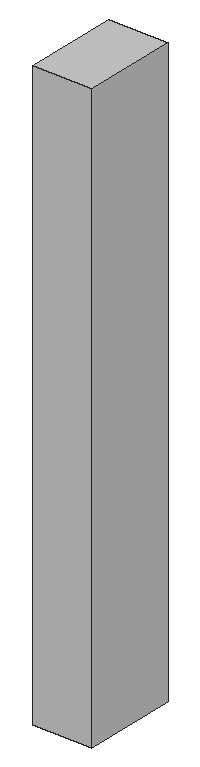
Revit family "Concrete-Rectangular-Column", category Structural Columns, Revit 2027
Family settings
  Display in Hidden Views = Edges Hidden by Other Members
  Section Shape = Not Defined
  Material for Model Behavior = Concrete
  Always export as geometry = No
  Beam cutback in plan = From bounding box
  Cut with Voids When Loaded = No
  Symbolic Representation = From Family
  Shared = No
  Show family pre-cut in plan views = Yes
Parameters (values of type "250 x 400mm")
  b = 250.00 mm
  h = 400.00 mm
  Structural Material [instance] = Concrete - Cast-in-Place
Types (12, lengths in mm): name | b | h
  (no name) | 250.00 | 400.00
  Default | 300.00 | 450.00
  1100 x 1100mm | 1100.00 | 1100.00
  1000 x 1000mm | 1000.00 | 1000.00
  700 x 700mm | 700.00 | 700.00
  600 x 600mm | 600.00 | 600.00
  400 x 250mm | 400.00 | 250.00
  1200 x 1200mm | 1200.00 | 1200.00
  600 x 400mm | 600.00 | 400.00
  400 x 600mm | 400.00 | 600.00
  1400 x 1600mm | 1400.00 | 1600.00
  250 x 400mm | 250.00 | 400.00
Reference planes
  plane 1 "Center (Front/Back)": y = 0
  plane 2: z = 0
  plane 3 "Center (Left/Right)": x = 0
  plane 4: x = -125
  plane 5: x = 125
  plane 6: y = 200
  plane 7: y = -200
Forms (mm)
  Extrusion 1, solid, material "Concrete - Cast-in-Place" <- "Structural Material"
    sketch origin (0, 0, 0) x (1, 0, 0) y (0, 1, 0)
      loop
        line (-125, 200) -> (-125, -200) -> (125, -200) -> (125, 200) -> (-125, 200)
    from 0 to 2500
Dimensions and locks
  equal spacing: plane 4, plane 3 "Center (Left/Right)", plane 5
  equal spacing: plane 7, plane 1 "Center (Front/Back)", plane 6
  "h": plane 7 to plane 6
  "b": plane 4 to plane 5
  aligned and locked: plane 6 to Extrusion 1 sketch curve
  aligned and locked: Extrusion 1 sketch curve to plane 7
  aligned and locked: Extrusion 1 sketch curve to plane 4
  aligned and locked: plane 5 to Extrusion 1 sketch curve
  aligned and locked: level to Extrusion 1
  aligned and locked: level to plane 2
  aligned and locked: Extrusion 1 to plane 2
